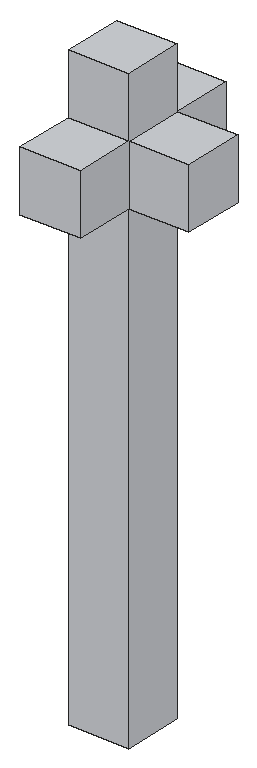
Revit family "Pilar Pre Fabricado - T", category Structural Columns, Revit 2016
Family settings
  Section Shape = Not Defined
  Material for Model Behavior = Other
  Always export as geometry = No
  Beam cutback in plan = From bounding box
  OmniClass Number = 23.25.30.11.14.11
  OmniClass Title = Columns
  Cut with Voids When Loaded = No
  Symbolic Representation = From Family
  Shared = No
  Show family pre-cut in plan views = Yes
Parameters
  Structural Material [instance] = (empty or 0)
  Profundidade = 40 cm
  Largura = 40 cm
  Avanço horizontal do apoio = 60 cm
  Altura do apoio = 40 cm
  Altura da Viga = 40 cm
Reference planes (cm)
  plane 1 "Centro (Frente/Trás)": y = 0
  plane 2: z = 0
  plane 3 "Centro (Esquerda/Direita)": x = 0
  plane 4 "Esquerda": x = -20
  plane 5 "Direita": x = 20
  plane 6 "Posterior": y = 20
  plane 7 "Frente": y = -20
  plane 8: z = 360
  plane 9: z = 320
  plane 10: y = -60
  plane 11: y = 60
  plane 12: x = 60
Forms (cm)
  Extrusion 1, solid
    sketch origin (20, 0, 0) x (0, -1, 0) y (0, 0, 1)
      loop
        line (20, 0) -> (20, 320) -> (60, 320) -> (60, 360) -> (20, 360) -> (20, 400) -> (-20, 400) -> (-20, 360) -> (-60, 360) -> (-60, 320) -> (-20, 320) -> (-20, 0) -> (20, 0)
    from 0 to 40
  Extrusion 2, solid
    sketch origin (0, -20, 0) x (1, 0, 0) y (0, 0, 1)
      loop
        line (20, 360) -> (20, 320) -> (60, 320) -> (60, 360) -> (20, 360)
    from -40 to 0
Text (cm)
  text "Desenvolvido por Fernando Goes\n\n@CaradoRevit\n\nfernandogoes@outlook.com" at (123.1355, -48.1012, -75.0343), in view "Vista 1"
Dimensions and locks (cm)
  equal spacing: plane 4 "Esquerda", plane 3 "Centro (Esquerda/Direita)", plane 5 "Direita"
  equal spacing: plane 7 "Frente", plane 1 "Centro (Frente/Trás)", plane 6 "Posterior"
  "Largura": plane 4 "Esquerda" to plane 5 "Direita"
  "Profundidade": plane 7 "Frente" to plane 6 "Posterior"
  "Altura da Viga": level to plane 8
  "Altura do apoio": plane 8 to plane 9
  equal spacing: plane 10, plane 1 "Centro (Frente/Trás)", plane 11
  "Avanço horizontal do apoio": plane 1 "Centro (Frente/Trás)" to plane 11
  "Avanço horizontal do apoio": plane 12 to plane 3 "Centro (Esquerda/Direita)"
  "Avanço horizontal do apoio": plane 10 to plane 1 "Centro (Frente/Trás)"
  aligned and locked: level to plane 2
  aligned and locked: level to Extrusion 1 sketch curve
  aligned and locked: Extrusion 1 sketch curve to plane 6 "Posterior"
  aligned and locked: plane 8 to Extrusion 1 sketch curve
  aligned and locked: Extrusion 1 to plane 11  (x2)
  aligned and locked: plane 4 "Esquerda" to Extrusion 1
  aligned and locked: Extrusion 1 to plane 6 "Posterior"
  aligned and locked: plane 7 "Frente" to Extrusion 1
  aligned and locked: Extrusion 1 to plane 5 "Direita"
  aligned and locked: Extrusion 1 to level
  aligned and locked: level to Extrusion 1
  aligned and locked: Extrusion 2 sketch curve to plane 5 "Direita"
  aligned and locked: plane 9 to Extrusion 2 sketch curve
  aligned and locked: Extrusion 2 sketch curve to plane 8
  aligned and locked: Extrusion 2 to plane 12
  aligned and locked: Extrusion 2 to Extrusion 1
  aligned and locked: Extrusion 1 to Extrusion 2
  aligned and locked: Extrusion 1 to Extrusion 1
  aligned and locked: Extrusion 1 sketch curve to plane 10
  aligned and locked: plane 9 to Extrusion 1 sketch curve
  aligned and locked: Extrusion 1 sketch curve to plane 9
  aligned and locked: Extrusion 1 sketch curve to plane 8
  aligned and locked: Extrusion 1 sketch curve to plane 11
Automatic sketch dimensions
  Extrusion 1 sketch curve to plane 6 "Posterior" = 0 cm
  Extrusion 1 sketch curve to plane 7 "Frente" = 0 cm  (x2)
  Extrusion 1 sketch curve to level = 0 cm
  plane 12 to Extrusion 2 sketch curve = 0 cm
